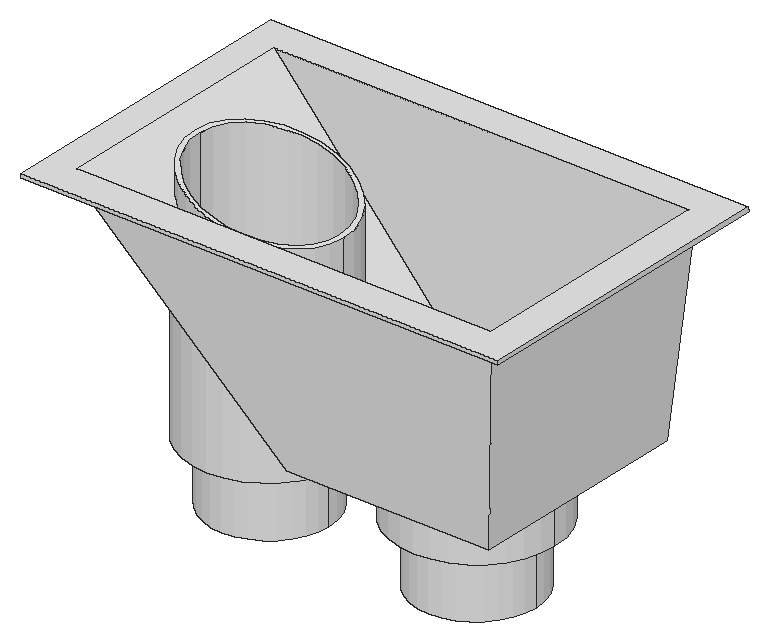
Revit family "Viking Roofspec Sump 06 M17", category Pipe Fittings, host Face, Revit 2021
Family settings
  Host = Face
  Round Connector Dimension = Use Diameter
  Part Type = Cap
  Cut with Voids When Loaded = No
  Shared = No
Parameters (values of type "Sumps IMR130 580x380x249mmd+200mm outlet")
  URL = "www.vikingroofspec.co.nz"
  Type Comments = "Viking Roofspec sump / overflow IMR130, installed as per manufacturers instructions."
  Pipe Diameter = 200 mm
  Overall Height = 389 mm
  Offset Pipe2 = 114 mm
  Offset Pipe1 = 137 mm
  Model = "IMR130"
  Material = Viking Roofspec - Plastic White
  Manufacturer = "Viking Roofspec"  # constant formula
  Flow Out = 10.0 L/s
  Flange Cut Width = 380 mm
  Flange Cut Length = 580 mm
  Default Elevation = 0 mm
  Component = IMR130 : IMR130
Reference planes
  plane 1 "Center (Front/Back)": y = 0
  plane 2: z = 0
  plane 3 "Center (Left/Right)": x = 0
  plane 4 "Pipe Connector": z = -389
  plane 5: x = -290
  plane 6: x = 290
  plane 7: y = -190
  plane 8: y = 190
Forms (mm)
  Extrusion 1, void
    sketch origin (0, 0, 0) x (1, 0, 0) y (0, 1, 0)
      loop
        circle (0, 0) r 115
    from -4 to 0
  Extrusion 2, void
    sketch origin (0, 0, 0) x (1, 0, 0) y (0, 1, 0)
      loop
        line (-290, 190) -> (-290, -190) -> (290, -190) -> (290, 190) -> (-290, 190)
    from 0 to -5
  Extrusion 3, void
    sketch origin (0, 0, 0) x (1, 0, 0) y (0, 1, 0)
      loop
        line (-265, 165) -> (-265, -165) -> (265, -165) -> (265, 165) -> (-265, 165)
    from 0 to -389
  Extrusion 4, solid, not visible
    sketch origin (0, 0, -389) x (0, -1, 0) y (1, 0, 0)
      loop
        circle (0, -137) r 35
    from 0 to 1
  Extrusion 5, solid, not visible
    sketch origin (149.817, 0, -389) x (0, -1, 0) y (1, 0, 0)
      loop
        circle (0, -35.817) r 35
    from 0 to 1
Dimensions and locks
  "Overall Height": host face to plane 4 "Pipe Connector"
  equal spacing: plane 5, plane 3 "Center (Left/Right)", plane 6
  equal spacing: plane 8, plane 1 "Center (Front/Back)", plane 7
  "Flange Cut Length": plane 5 to plane 6
  "Flange Cut Width": plane 8 to plane 7
  locked: plane 8 to Extrusion 3 sketch curve at 25
  locked: Extrusion 3 sketch curve to plane 7 at 25
  locked: plane 5 to Extrusion 3 sketch curve at 25
  locked: Extrusion 3 sketch curve to plane 6 at 25
  "Offset Pipe1": Extrusion 4 sketch curve to nested 1
  "Offset Pipe2": nested 1 to Extrusion 5 sketch curve
  diameter of Extrusion 1 sketch curve = 230 mm
  aligned and locked: plane 2 to host face
  aligned and locked: level to host face
  aligned and locked: Extrusion 2 to plane 5
  aligned and locked: plane 8 to Extrusion 2
  aligned and locked: plane 6 to Extrusion 2
  aligned and locked: Extrusion 2 to plane 7
  aligned and locked: Extrusion 3 to plane 4 "Pipe Connector"
Automatic sketch dimensions
  host sketch curve to host sketch curve = 2438.4 mm  (x2)
  plane 1 "Center (Front/Back)" to Extrusion 1 sketch curve = 0 mm
  Extrusion 1 sketch curve to plane 3 "Center (Left/Right)" = 0 mm
  Extrusion 2 sketch curve to plane 5 = 0 mm
  Extrusion 2 sketch curve to plane 6 = 0 mm
  Extrusion 2 sketch curve to plane 7 = 0 mm
  Extrusion 2 sketch curve to plane 8 = 0 mm
  plane 1 "Center (Front/Back)" to Extrusion 4 sketch curve = 0 mm
  plane 1 "Center (Front/Back)" to Extrusion 5 sketch curve = 0 mm
  radius of Extrusion 4 sketch curve = 35 mm
  radius of Extrusion 5 sketch curve = 35 mm
Nested families
  nested 1: "IMR130" at (0, 0, 0), type <- "Component", Material <- "Material", type "IMR130"
Connectors
  piping at (114, 0, -389), diameter 200, driven by "Pipe Diameter", driven by "Flow Out"
    settings: on Extrusion 5, index 4, connector inside diameter 609.6 mm, connector length 0 mm, flow factor 0, pipe flow 10.0 L/s, pressure drop 0.0 Pa, fitting loss kfactor 0, connector angle 0.00°, fixture units 0, engagement length 0 mm, angle of deflection 0.00°, flow configuration 1, flow direction 2, fitting loss method 4, system type 16, joint type 0, gender type 0, connector reference index -1, connector utility 0, adjustable connector no, is connector primary yes, connector description "Sump"
  piping at (-137, 0, -389), diameter 200, driven by "Pipe Diameter", driven by "Flow Out"
    settings: on Extrusion 4, index 5, connector inside diameter 609.6 mm, connector length 0 mm, flow factor 0, pipe flow 10.0 L/s, pressure drop 0.0 Pa, fitting loss kfactor 0, connector angle 0.00°, fixture units 0, engagement length 0 mm, angle of deflection 0.00°, flow configuration 1, flow direction 2, fitting loss method 4, system type 16, joint type 0, gender type 0, connector reference index -1, connector utility 0, adjustable connector no, is connector primary no, connector description "Sump Overflow"
Definition of nested family "IMR130"
  Parameters (values of type "IMR130")
    Material [instance] = none
    Default Elevation = 1219.2 mm
  Reference planes
    plane 1 "Center (Front/Back)": y = 0
    plane 2: z = 0
    plane 3 "Center (Left/Right)": x = 0
  Forms (mm)
    Revolve 1, solid, material <- "Material"
      sketch origin (-111.657, 0, -78.992) x (1, 0, 0) y (0, 0, 1)
        loop
          line (-98.172, -235.225) -> (-98.172, -310.021) -> (-25.672, -310.021) -> (-25.672, 55.02) -> (-120.672, 55.02) -> (-120.672, -235.225) -> (-98.172, -235.225)
        axis (-25.672, -310.021) -> (-25.672, 55.02)
      angle from 0 to 360
    Extrusion 2, solid, material <- "Material"
      sketch origin (0, 0, 0) x (0, 1, 0) y (0, 0, 1)
        loop
          line (-190, 0) -> (-190, -5) -> (-154.571, -5) -> (-134.998, -249.217) -> (134.998, -249.217) -> (154.571, -5) -> (190, -5) -> (190, 0) -> (-190, 0)
      from -287.697 to 291.503
    Extrusion 3, void
      sketch origin (0, 0, 0) x (1, 0, 0) y (0, 0, 1)
        loop
          line (-308.389, -5) -> (-308.389, -268.338) -> (6.969, -268.338) -> (6.969, -264.634) -> (-253.525, -5) -> (-308.389, -5)
      from -198.718 to 250
    Extrusion 4, void
      sketch origin (0, 0, 0) x (-1, 0, 0) y (0, 0, -1)
        loop
          line (-307.108, 5) -> (-256.074, 5) -> (-234.969, 268.338) -> (-307.108, 268.338) -> (-307.108, 5)
      from -198.718 to 250
    Blend 5, void
      base sketch origin (0, 0, 0) x (1, 0, 0) y (0, 1, 0)
        loop
          line (251.472, 149.971) -> (-251.527, 149.971) -> (-251.527, -149.971) -> (251.472, -149.971) -> (251.472, 149.971)
      top sketch origin (0, 0, 0) x (1, 0, 0) y (0, 1, 0)
        loop
          line (-6.537, 130.389) -> (-6.537, -130.389) -> (231.895, -130.389) -> (231.895, 130.389) -> (-6.537, 130.389)
      from 0 to -244.217
    Revolve 6, solid, material <- "Material"
      sketch origin (-50.015, 0, 0) x (1, 0, 0) y (0, 0, 1)
        loop
          line (-177.314, -10.591) -> (-177.314, -228.95) -> (-172.314, -228.95) -> (-172.314, -10.591) -> (-177.314, -10.591)
        axis (-87.314, -228.95) -> (-87.314, -10.591)
      angle from 0 to 360
    Extrusion 7, void
      sketch origin (-50.015, 0, 0) x (1, 0, 0) y (0, 0, 1)
        loop
          line (-181.78, -13.161) -> (7.82, -70.896) -> (7.82, -8.113) -> (-181.78, -8.113) -> (-181.78, -13.161)
      from -115.899 to 102.256
    Extrusion 8, void
      sketch origin (-166.443, 0, 0) x (1, 0, 0) y (0, 1, 0)
        loop
          circle (29.114, 0) r 85
      from -16.513 to -309.217
    Revolve 9, solid, material <- "Material"
      sketch origin (139.673, 0, -78.992) x (1, 0, 0) y (0, 0, 1)
        loop
          line (-98.172, -235.225) -> (-98.172, -310.021) -> (-25.672, -310.021) -> (-25.672, -167.008) -> (-120.672, -167.008) -> (-120.672, -235.225) -> (-98.172, -235.225)
        axis (-25.672, -310.021) -> (-25.672, -167.008)
      angle from 0 to 360
    Extrusion 10, void
      sketch origin (0, 0, 0) x (1, 0, 0) y (0, 1, 0)
        loop
          circle (114.001, 0) r 90
      from -309.217 to -228.95
  Cuts and joins
    Blend 5, Extrusion 8 cuts Revolve 1
    Extrusion 3, Extrusion 4, Blend 5, Extrusion 8, Extrusion 10 cuts Extrusion 2
    Extrusion 7 cuts Revolve 6
    Extrusion 10 cuts Revolve 9
    joined: Revolve 1, Extrusion 2, Revolve 6, Revolve 9
  Dimensions and locks
    aligned and locked: level to plane 2
